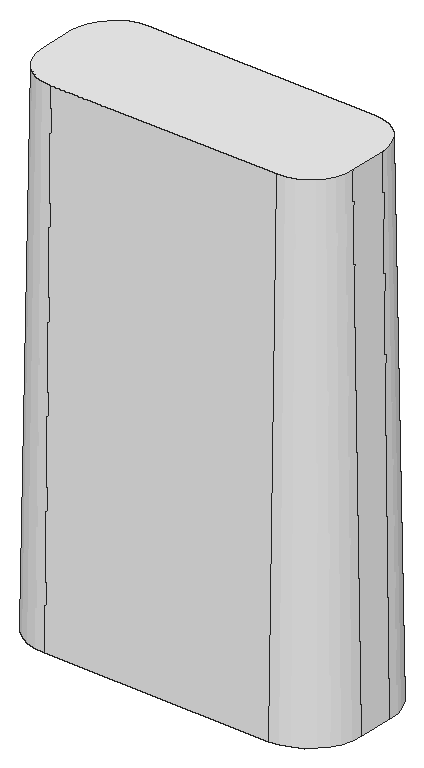
Revit family "PRD_AR_SntryFttngsndccssrs_CModule_ACEX90201", category Specialty Equipment, Revit 2023
Family settings
  Round Connector Dimension = Use Diameter
  Part Type = Normal
  OmniClass Number = 23.65.05.11.11
  OmniClass Title = Water Supply Systems
  Work Plane-Based = No
  Enable Cutting in Views = No
  Always vertical = Yes
  Cut with Voids When Loaded = No
  Maintain Annotation Orientation = No
  Shared = No
  Room Calculation Point = No
Parameters (values of type "ACEX9020")
  WarrantyStartDate [instance] = "1900-12-31T23:59:59"
  WarrantyGuarantorParts = "n/a"
  WarrantyGuarantorLabor = "n/a"
  WarrantyDurationUnit = "n/a"
  WarrantyDurationParts = "n/a"
  WarrantyDurationLabor = "n/a"
  WarrantyDescription = "n/a"
  Version = "1"
  Uniclass2015Version = "Products v1.36"
  Uniclass2015Title = "Sanitary fittings and accessories"
  Uniclass2015Code = "Pr_40_20"
  URL = "www.kwc-professional.com"
  Type IFC Predefined Type = "USERDEFINED"
  TagNumber [instance] = "n/a"
  SustainabilityPerformance = "n/a"
  Status = "New"
  Size = "n/a"
  Shape = "n/a"
  SerialNumber [instance] = "n/a"
  Revision = "n/a"
  ReplacementCost = "n/a"
  Reference = "n/a"
  QuantityUom = "piece"
  Quantity = "1"
  ProductInformation = "http://pim.kwc.com/product/3600001331/attachment/datasheet?locale=en"
  NominalWidth = 0 mm
  NominalLength = 0 mm
  NominalHeight = 0 mm
  NominalDepth = 0 mm
  Name = "C module ACEX9020"
  NBSTypeID = "n/a"
  NBSReference = "n/a"
  NBSOfficeMasterTag = "n/a"
  NBSNote = "n/a"
  NBSDescription = "n/a"
  NBSCertification = "n/a"
  ModelReference = "ACEX9020"
  ModelNumber = "3600001331"
  Model = ModelReference  # "ACEX9020"
  Material = "n/a"
  ManufacturerURL = "www.kwc-professional.com"
  ManufacturerName = "KWC Group Management AG"  # constant formula
  Manufacturer = ManufacturerName  # "KWC Group Management AG"
  InstallationDate [instance] = "1900-12-31T23:59:59"
  IfcExportType = "USERDEFINED"
  IfcExportAs = "IfcSanitaryTerminalType"
  Grade = "n/a"
  Finish = "n/a"
  Features = "Compatible KWC electronic fittings for radio-controlled parameterization."
  Export Type to IFC As = "IfcSanitaryTerminalType"
  ExpectedLife = "n/a"
  DurationUnit = "n/a"
  Description = "C module for compatible KWC electronic fittings for radio-controlled parameterization, read-out of statistical data, realisation of predefined calendar functions as well as grouping of fittings to perform predefined control functions via necessary app."
  Default Elevation = 0 mm
  CreatedOn = "04/2025"  # constant formula
  Constituents = "n/a"
  Color = "n/a"
  CodePerformance = "n/a"
  Category = "Pr_40_20, Sanitary fittings and accessories"
  BodyMaterial = PRD_AR_Plastic_White
  BarCode [instance] = "n/a"
  BIMObjectName = "PRD_AR_SanitaryFittingsAndAccessories_CModule_ACEX9020"
  Author = "Archispace"  # constant formula
  AssetType = "Fixed"
  AssetIdentifier [instance] = "n/a"
  AccessibilityPerformance = "n/a"
Reference planes
  plane 1 "Center (Front/Back)": y = 0
  plane 2: z = 0
  plane 3 "Center (Left/Right)": x = 0
Dimensions and locks
  aligned and locked: level to plane 2
Nested families
  nested 1: "ACEX9020" at (0, 0, 0), type "ACEX9020"
Connectors
  electrical at (0, 0, 0)
    settings: on nested 1, index 1, voltage 0 V, apparent load 0 VA, apparent load phase1 0 VA, apparent load phase2 0 VA, apparent load phase3 0 VA, power factor 1, load classification "Other", number of poles 1, system type 13, power factor state 1, is connector primary yes, connector utility no, sub classification motor no, connector description ""
Definition of nested family "ACEX9020"
  Parameters (values of type "ACEX9020")
    Material = none
    Default Elevation = 0 mm
  Reference planes
    plane 1 "Center (Front/Back)": y = 0
    plane 2: z = 0
    plane 3 "Center (Left/Right)": x = 0
    plane 4: z = 48
  Forms (mm)
    SweptBlend 1, solid, material <- "Material", detail levels fine
      path origin (0, 0, 0) x (1, 0, 0) y (0, 0, 1)
        loop
          line (0, 0) -> (0, 48)
      profile origin (0, 0, 0) x (-1, 0, 0) y (0, -1, 0)
        loop
          line (15.583, -1.683) -> (15.583, 1.683)
          arc (15.583, 1.683) -> (14.148, 5.148) -> (10.683, 6.583) r 4.9
          line (10.683, 6.583) -> (-10.683, 6.583)
          arc (-10.683, 6.583) -> (-14.148, 5.148) -> (-15.583, 1.683) r 4.9
          line (-15.583, 1.683) -> (-15.583, -1.683)
          arc (-15.583, -1.683) -> (-14.148, -5.148) -> (-10.683, -6.583) r 4.9
          line (-10.683, -6.583) -> (10.683, -6.583)
          arc (10.683, -6.583) -> (14.148, -5.148) -> (15.583, -1.683) r 4.9
      end profile origin (0, 0, 48) x (-1, 0, 0) y (0, -1, 0)
        loop
          line (14.767, -1.767) -> (14.767, 1.767)
          arc (14.767, 1.767) -> (13.596, 4.596) -> (10.767, 5.767) r 4
          line (10.767, 5.767) -> (-10.767, 5.767)
          arc (-10.767, 5.767) -> (-13.596, 4.596) -> (-14.767, 1.767) r 4
          line (-14.767, 1.767) -> (-14.767, -1.767)
          arc (-14.767, -1.767) -> (-13.596, -4.596) -> (-10.767, -5.767) r 4
          line (-10.767, -5.767) -> (10.767, -5.767)
          arc (10.767, -5.767) -> (13.596, -4.596) -> (14.767, -1.767) r 4
    Extrusion 2, solid, material <- "Material", detail levels fine
      sketch origin (0, 0, 0) x (1, 0, 0) y (0, 1, 0)
        loop
          line (-1.599, 10.237) -> (-2.612, 11.682)
          arc (-2.612, 11.682) -> (-3.607, 8.939) -> (-2.253, 6.355) r 3.616
          line (-2.253, 6.355) -> (-2.253, 4.767) -> (2.253, 4.767) -> (2.253, 6.355)
          arc (2.253, 6.355) -> (3.607, 8.939) -> (2.612, 11.682) r 3.616
          line (2.612, 11.682) -> (1.599, 10.237)
          arc (1.599, 10.237) -> (0, 7.267) -> (-1.599, 10.237) r 1.916
      from 37.974 to 43.001
    Extrusion 3, solid, material <- "Material", detail levels fine
      sketch origin (0, 0.352, -26.504) x (1, 0, 0) y (0, 1, 0)
        loop
          line (-1.599, 10.237) -> (-2.612, 11.682)
          arc (-2.612, 11.682) -> (-3.607, 8.939) -> (-2.253, 6.355) r 3.616
          line (-2.253, 6.355) -> (-2.253, 4.767) -> (2.253, 4.767) -> (2.253, 6.355)
          arc (2.253, 6.355) -> (3.607, 8.939) -> (2.612, 11.682) r 3.616
          line (2.612, 11.682) -> (1.599, 10.237)
          arc (1.599, 10.237) -> (0, 7.267) -> (-1.599, 10.237) r 1.916
      from 29.511 to 34.502
    Extrusion 4, void
      sketch origin (0, 0, 0) x (1, 0, 0) y (0, 0, 1)
        loop
          line (8.558, 8.005) -> (8.042, 36.035)
          arc (8.042, 36.035) -> (7.443, 37.425) -> (6.042, 37.998) r 2
          line (6.042, 37.998) -> (-6.042, 37.998)
          arc (-6.042, 37.998) -> (-7.443, 37.425) -> (-8.042, 36.035) r 2
          line (-8.042, 36.035) -> (-8.558, 8.005) -> (8.558, 8.005)
        loop
          line (7.494, 8.506) -> (7.494, 36.002)
          arc (7.494, 36.002) -> (7.055, 37.062) -> (5.994, 37.502) r 1.5
          line (5.994, 37.502) -> (-6.006, 37.502)
          arc (-6.006, 37.502) -> (-7.067, 37.062) -> (-7.506, 36.002) r 1.5
          line (-7.506, 36.002) -> (-7.506, 8.506) -> (7.494, 8.506)
      from -5.678 to -7.133
    Sweep 5, solid, material <- "Material", detail levels fine
      path origin (1, 0, 0) x (1, 0, 0) y (0, 0, 1)
        loop
          line (0, 0) -> (0, -1)
      profile origin (1, 0, -0.5) x (0, -1, 0) y (1, 0, 0)
        loop
          circle (0, 8.1) r 1.503
        loop
          circle (0, -1.3) r 1.5
    Extrusion 6, solid, material <- "Material", detail levels coarse+medium
      sketch origin (0, 0, 0) x (1, 0, 0) y (0, 1, 0)
        loop
          line (-15.583, 6.583) -> (-15.583, -6.583) -> (15.522, -6.583) -> (15.522, 6.583) -> (-15.583, 6.583)
      from 0 to 48
  Cuts and joins
    Extrusion 4 cuts SweptBlend 1
    joined: SweptBlend 1, Extrusion 2, Extrusion 3
  Dimensions and locks
    locked: plane 4 to level at 48
    aligned and locked: level to plane 2
